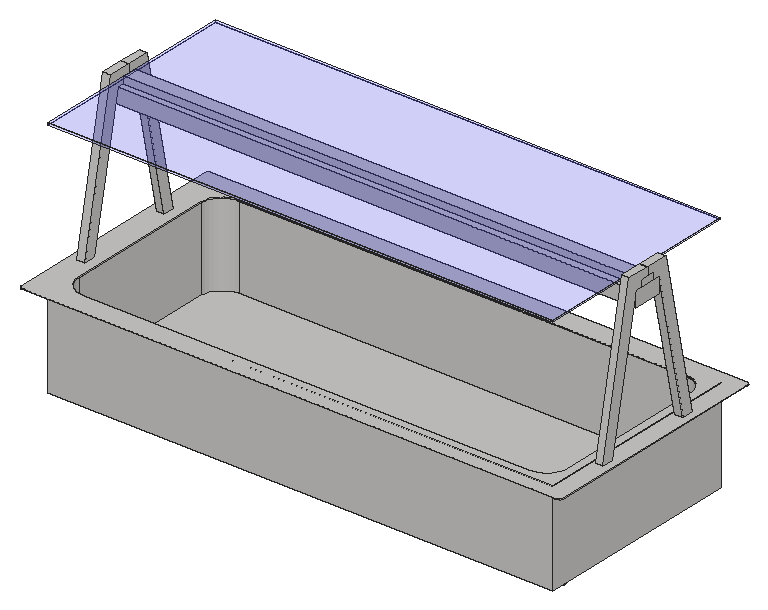
Revit family "QF_ELECTROLUXPROFESSIONAL_341164_D01C4", category Attrezzature speciali, Revit 2020
Family settings
  Quota connettore circolare = Usa diametro
  Tipo di parte = Normale
  Basato su piano di lavoro = No
  Sempre verticale = Sì
  Taglio con vuoti quando caricato = No
  Condiviso = No
  Punto di calcolo locali = No
Parameters (values of type "Standard")
  Weight = 54.15 kg
  Watts = 0 W
  Volts = 220 V
  URL Manufacturer = "https://www.electroluxprofessional.com/"
  URL = "https://www.electroluxprofessional.com/"
  Steam Supply Size = 0 mm
  Steam Supply Minimum Pressure = 0.0 Pa
  Steam Supply Maximum Pressure = 0.0 Pa
  Steam Consumption per Hour = 0
  Refrigeration Suction Line Size = 0 mm
  Refrigeration Liquid Line Size = 0 mm
  Refrigerant Compressor Remote = yes
  Prospetto di default = 0 mm
  Produttore = "Electrolux Professional"
  Phase = 1
  Modello = "D01C4"
  Length Actual = 1420 mm  # constant formula
  Item Number = "341164"
  Hot Water Size = 0 mm
  Height Actual = 664 mm  # constant formula
  HP = "0 HP"
  Gas Size = 0 mm
  Gas KW = 0
  Gas Input Pressure = 0 W
  Direct Waste Size = 0 mm
  Descrizione = "DROP-IN BAIN-MARIE, WATER, SINGLE WELL, 4GN WITH A TYPE OVERSHELF AND HALOGEN LAMP"
  Depth Actual = 620 mm  # constant formula
  Cycle = 50 Hz
  Condensate Return Size = 0 mm
  Compressed Air Volume = 0.0 L/s
  Compressed Air Size = 0 mm
  Compressed Air Pressure = 0.0 Pa
  Cold Water Size = 12.7 mm
  Accessory = yes
Reference planes
  plane 1 "BACK": y = 0
  plane 2: z = 5.426
  plane 3 "LEFT": x = 0
  plane 4: y = -620
  plane 5: x = 1420
  plane 6: z = 409.426
  plane 7: y = -310
  plane 8: x = 710
Forms (mm)
  Extrusion 1, solid, material "QF_Finishes_Stainless Steel"
    sketch origin (0, 0, 5.426) x (1, 0, 0) y (0, 1, 0)
      loop
        arc (10, 0) -> (2.929, -2.929) -> (0, -10) r 10
        line (0, -10) -> (0, -610)
        arc (0, -610) -> (2.929, -617.071) -> (10, -620) r 10
        line (10, -620) -> (1410, -620)
        arc (1410, -620) -> (1417.071, -617.071) -> (1420, -610) r 10
        line (1420, -610) -> (1420, -10)
        arc (1420, -10) -> (1417.071, -2.929) -> (1410, 0) r 10
        line (1410, 0) -> (10, 0)
    from 0 to 1
  Extrusion 2, solid, material "QF_Finishes_Stainless Steel"
    sketch origin (0, 0, 12.548) x (1, 0, 0) y (0, 1, 0)
      loop
        line (50, -35) -> (50, -585) -> (1370, -585) -> (1370, -35) -> (50, -35)
    from -251.122 to -7.122
  Extrusion 3, void
    sketch origin (0, 0, -2.817) x (1, 0, 0) y (0, 1, 0)
      loop
        arc (125, -55) -> (86.109, -71.109) -> (70, -110) r 55
        line (70, -110) -> (70, -510)
        arc (70, -510) -> (86.109, -548.891) -> (125, -565) r 55
        line (125, -565) -> (1295, -565)
        arc (1295, -565) -> (1333.891, -548.891) -> (1350, -510) r 55
        line (1350, -510) -> (1350, -110)
        arc (1350, -110) -> (1333.891, -71.109) -> (1295, -55) r 55
        line (1295, -55) -> (125, -55)
    from -209.107 to 9.244
  Extrusion 4, solid, material "QF_Finishes_Stainless Steel"
    sketch origin (21.5, -620, 0) x (0, -1, 0) y (0, 0, -1)
      loop
        line (-310, -409.426) -> (-250.873, -409.426) -> (-165, -5.426) -> (-195, -5.426) -> (-272.583, -370.426) -> (-310, -370.426) -> (-310, -409.426)
    from 0 to 20
  Extrusion 5, solid, material "QF_Finishes_Stainless Steel"
    sketch origin (21.5, 0, 0) x (0, 1, 0) y (0, 0, 1)
      loop
        line (-310, 409.426) -> (-310, 370.426) -> (-272.583, 370.426) -> (-195, 5.426) -> (-165, 5.426) -> (-250.873, 409.426) -> (-310, 409.426)
    from 0 to 20
  Extrusion 6, solid, material "QF_Finishes_Stainless Steel"
    sketch origin (1398.5, -620, 0) x (0, -1, 0) y (0, 0, 1)
      loop
        line (-310, 409.426) -> (-310, 370.426) -> (-272.583, 370.426) -> (-195, 5.426) -> (-165, 5.426) -> (-250.873, 409.426) -> (-310, 409.426)
    from 0 to 20
  Extrusion 7, solid, material "QF_Finishes_Stainless Steel"
    sketch origin (1398.5, 0, 0) x (0, 1, 0) y (0, 0, -1)
      loop
        line (-310, -409.426) -> (-250.873, -409.426) -> (-165, -5.426) -> (-195, -5.426) -> (-272.583, -370.426) -> (-310, -370.426) -> (-310, -409.426)
    from 0 to 20
  Extrusion 8, solid, material "QF_Finishes_Stainless Steel"
    sketch origin (0, 0, 0) x (0, 1, 0) y (0, 0, 1)
      loop
        line (-291.292, 370.426) -> (-291.292, 387.956) -> (-328.917, 387.956) -> (-328.917, 370.426) -> (-291.292, 370.426)
    from 21.5 to 1398.5
  Extrusion 9, solid, material "Vetro"
    sketch origin (0, 0, 5.426) x (1, 0, 0) y (0, 1, 0)
      loop
        line (50, -35) -> (50, -585) -> (1370, -585) -> (1370, -35) -> (50, -35)
    from 382.529 to 387.529
  Extrusion 10, solid, material "QF_Finishes_Stainless Steel"
    sketch origin (324.537, -347.333, -643.387) x (0, 0, -1) y (0, 1, 0)
      loop
        circle (-372.814, -140.692) r 12.7
    from 5 to 70.307
  Extrusion 11, solid, material "QF_Finishes_Stainless Steel"
    sketch origin (0, 0, 0) x (0, 1, 0) y (0, 0, 1)
      loop
        line (-272.583, 370.426) -> (-347.583, 370.426) -> (-347.583, 330.426) -> (-272.583, 330.426) -> (-272.583, 370.426)
    from 21.5 to 1398.5
  Extrusion 12, solid, material "QF_Finishes_Stainless Steel"
    sketch origin (34.947, 0, 0) x (0, 1, 0) y (0, 0, 1)
      loop
        line (-280.414, 330.426) -> (-340.414, 330.426) -> (-340.414, 325.426) -> (-280.414, 325.426) -> (-280.414, 330.426)
    from 113.553 to 313.553
  Extrusion 13, solid, material "QF_Finishes_Stainless Steel"
    sketch origin (769.053, 0, 0) x (0, 1, 0) y (0, 0, -1)
      loop
        line (-280.414, -330.426) -> (-280.414, -325.426) -> (-340.414, -325.426) -> (-340.414, -330.426) -> (-280.414, -330.426)
    from 113.553 to 313.553
  Extrusion 14, solid, material "QF_Finishes_Stainless Steel"
    sketch origin (1385.053, 0, 0) x (0, 1, 0) y (0, 0, -1)
      loop
        line (-280.414, -330.426) -> (-280.414, -325.426) -> (-340.414, -325.426) -> (-340.414, -330.426) -> (-280.414, -330.426)
    from 113.553 to 313.553
  Extrusion 15, solid, material "QF_Finishes_Stainless Steel"
    sketch origin (650.947, 0, 0) x (0, 1, 0) y (0, 0, 1)
      loop
        line (-280.414, 330.426) -> (-340.414, 330.426) -> (-340.414, 325.426) -> (-280.414, 325.426) -> (-280.414, 330.426)
    from 113.553 to 313.553
  Extrusion 16, solid, material "QF_Finishes_Stainless Steel"
    sketch origin (-4, -6, 5.426) x (1, 0, 0) y (0, 1, 0)
      loop
        circle (386.025, -481.971) r 12.675
    from -276 to -244
  Extrusion 17, solid, material "QF_Finishes_Stainless Steel"
    sketch origin (1356.957, -637.727, -643.387) x (0, 0, -1) y (0, -1, 0)
      loop
        circle (-372.814, -140.692) r 6.35
    from 24.678 to 70.307
  Extrusion 18, solid, material "QF_Finishes_Stainless Steel"
    sketch origin (1679.025, -978.971, 5.426) x (-1, 0, 0) y (0, -1, 0)
      loop
        circle (386.025, -481.971) r 6.35
    from -276 to -244
Cuts and joins
  Extrusion 3 cuts Extrusion 1
  Extrusion 3 cuts Extrusion 2
Dimensions and locks
  equal spacing: Extrusion 1, Extrusion 2 sketch curve, Extrusion 2 sketch curve, Extrusion 1  (x2)
  Extrusion 1 to Extrusion 1 = 1420 mm
  Extrusion 1 to plane 1 "BACK" = 620 mm
  equal spacing: Extrusion 2, Extrusion 3 sketch curve, Extrusion 3 sketch curve, Extrusion 2  (x2)
  plane 6 to plane 2 = 404 mm
  equal spacing: plane 3 "LEFT", plane 8, plane 5
  Extrusion 11 sketch curve to cut or joined group of Extrusion 1, Extrusion 3 = 324 mm
  Extrusion 5 to plane 8 to Extrusion 7 = 668.5 mm, 668.5 mm
  aligned and locked: level to plane 2
Automatic sketch dimensions
  Extrusion 1 sketch curve to plane 3 "LEFT" = 0 mm
  plane 4 to Extrusion 1 sketch curve = 0 mm
  plane 1 "BACK" to Extrusion 1 sketch curve = 0 mm
  Extrusion 1 sketch curve to plane 5 = 0 mm
  plane 3 "LEFT" to Extrusion 1 sketch curve = 10 mm  (x2)
  plane 5 to Extrusion 1 sketch curve = 10 mm  (x2)
  plane 3 "LEFT" to Extrusion 2 sketch curve = 50 mm
  plane 5 to Extrusion 2 sketch curve = 50 mm
  Extrusion 2 sketch curve to plane 4 = 35 mm
  plane 1 "BACK" to Extrusion 2 sketch curve = 35 mm
  plane 3 "LEFT" to Extrusion 3 sketch curve = 70 mm
  Extrusion 3 sketch curve to Extrusion 3 sketch curve = 55 mm  (x3)
  Extrusion 3 sketch curve to plane 4 = 55 mm
  plane 5 to Extrusion 3 sketch curve = 125 mm  (x2)
  plane 1 "BACK" to Extrusion 3 sketch curve = 110 mm
  Extrusion 4 sketch curve to plane 7 = 0 mm
  plane 6 to Extrusion 4 sketch curve = 0 mm
  Extrusion 4 sketch curve to level = 0 mm
  Extrusion 4 sketch curve to Extrusion 4 sketch curve = 37.417 mm
  Extrusion 4 sketch curve to Extrusion 4 sketch curve = 21.71 mm
  plane 7 to Extrusion 4 sketch curve = 115 mm
  Extrusion 4 sketch curve to Extrusion 4 sketch curve = 30 mm
  Extrusion 4 sketch curve to Extrusion 4 sketch curve = 39 mm
  Extrusion 5 sketch curve to plane 7 = 0 mm
  plane 6 to Extrusion 5 sketch curve = 0 mm
  Extrusion 5 sketch curve to level = 0 mm
  Extrusion 5 sketch curve to Extrusion 5 sketch curve = 37.417 mm
  Extrusion 5 sketch curve to Extrusion 5 sketch curve = 21.71 mm
  plane 7 to Extrusion 5 sketch curve = 115 mm
  Extrusion 5 sketch curve to Extrusion 5 sketch curve = 30 mm
  Extrusion 5 sketch curve to Extrusion 5 sketch curve = 39 mm
  Extrusion 6 sketch curve to plane 7 = 0 mm
  plane 6 to Extrusion 6 sketch curve = 0 mm
  Extrusion 6 sketch curve to level = 0 mm
  Extrusion 6 sketch curve to Extrusion 6 sketch curve = 37.417 mm
  Extrusion 6 sketch curve to Extrusion 6 sketch curve = 21.71 mm
  Extrusion 6 sketch curve to plane 7 = 115 mm
  Extrusion 6 sketch curve to Extrusion 6 sketch curve = 30 mm
  Extrusion 6 sketch curve to Extrusion 6 sketch curve = 39 mm
  Extrusion 7 sketch curve to plane 7 = 0 mm
  plane 6 to Extrusion 7 sketch curve = 0 mm
  Extrusion 7 sketch curve to level = 0 mm
  Extrusion 7 sketch curve to Extrusion 7 sketch curve = 37.417 mm
  Extrusion 7 sketch curve to Extrusion 7 sketch curve = 21.71 mm
  plane 7 to Extrusion 7 sketch curve = 115 mm
  Extrusion 7 sketch curve to Extrusion 7 sketch curve = 30 mm
  Extrusion 7 sketch curve to Extrusion 7 sketch curve = 39 mm
  Extrusion 8 sketch curve to plane 7 = 18.917 mm
  plane 7 to Extrusion 8 sketch curve = 18.708 mm
  plane 6 to Extrusion 8 sketch curve = 39 mm
  Extrusion 8 sketch curve to Extrusion 8 sketch curve = 17.529 mm
  plane 3 "LEFT" to Extrusion 9 sketch curve = 50 mm
  plane 5 to Extrusion 9 sketch curve = 50 mm
  Extrusion 9 sketch curve to plane 4 = 35 mm
  plane 1 "BACK" to Extrusion 9 sketch curve = 35 mm
  Extrusion 10 sketch curve to level = 276 mm
  Extrusion 10 sketch curve to plane 4 = 131.975 mm
  Extrusion 11 sketch curve to plane 7 = 37.583 mm
  plane 7 to Extrusion 11 sketch curve = 37.417 mm
  plane 6 to Extrusion 11 sketch curve = 39 mm
  Extrusion 12 sketch curve to plane 7 = 30.414 mm
  plane 7 to Extrusion 12 sketch curve = 29.586 mm
  plane 6 to Extrusion 12 sketch curve = 84 mm
  Extrusion 12 sketch curve to Extrusion 12 sketch curve = 5 mm
  Extrusion 13 sketch curve to plane 7 = 30.414 mm
  plane 7 to Extrusion 13 sketch curve = 29.586 mm
  plane 6 to Extrusion 13 sketch curve = 79 mm
  Extrusion 13 sketch curve to Extrusion 13 sketch curve = 5 mm
  Extrusion 14 sketch curve to plane 7 = 30.414 mm
  plane 7 to Extrusion 14 sketch curve = 29.586 mm
  plane 6 to Extrusion 14 sketch curve = 79 mm
  Extrusion 14 sketch curve to Extrusion 14 sketch curve = 5 mm
  Extrusion 15 sketch curve to plane 7 = 30.414 mm
  plane 7 to Extrusion 15 sketch curve = 29.586 mm
  plane 6 to Extrusion 15 sketch curve = 84 mm
  Extrusion 15 sketch curve to Extrusion 15 sketch curve = 5 mm
  Extrusion 16 sketch curve to plane 4 = 132.029 mm
  Extrusion 16 sketch curve to plane 8 = 327.975 mm
  Extrusion 17 sketch curve to plane 4 = 122.965 mm
  Extrusion 17 sketch curve to level = 276 mm
  Extrusion 18 sketch curve to plane 4 = 123 mm
  plane 8 to Extrusion 18 sketch curve = 583 mm
  radius of Extrusion 10 sketch curve = 12.7 mm
  radius of Extrusion 16 sketch curve = 12.675 mm
  radius of Extrusion 17 sketch curve = 6.35 mm
  radius of Extrusion 18 sketch curve = 6.35 mm
Connectors
  piping at (329.537, -488.025, -270.574), diameter 25.4
    settings: on Extrusion 10, index 5, connector inside diameter 609.6 mm, connector length 0 mm, flow factor 0, pipe flow 0.0 L/s, pressure drop 0.0 Pa, fitting loss kfactor 0, connector angle 0.00°, fixture units 0, engagement length 0 mm, angle of deflection 0.00°, flow configuration 0, flow direction 0, fitting loss method 0, system type 29, joint type 0, gender type 0, connector reference index -1, connector utility 0, adjustable connector no, is connector primary yes, connector description "D"
  piping at (1332.279, -497.035, -270.574), diameter 12.7
    settings: on Extrusion 17, index 6, connector inside diameter 609.6 mm, connector length 0 mm, flow factor 0, pipe flow 0.0 L/s, pressure drop 0.0 Pa, fitting loss kfactor 0, connector angle 0.00°, fixture units 0, engagement length 0 mm, angle of deflection 0.00°, flow configuration 0, flow direction 0, fitting loss method 0, system type 29, joint type 0, gender type 0, connector reference index -1, connector utility 0, adjustable connector no, is connector primary no, connector description "WI"
